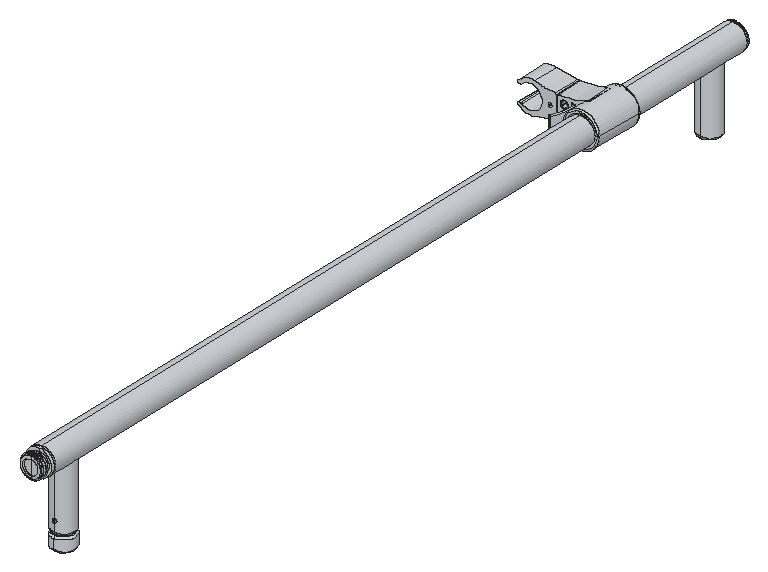
Revit family "Shower-Slidebar-KOHLER-WATER_SUPPLY-K-2738T-1", category Plumbing Fixtures, host Face, Revit 2021
Family settings
  Host = Face
  Round Connector Dimension = Use Diameter
  Part Type = Normal
  OmniClass Number = 23.31.25.00
  OmniClass Title = Toilet and Bath Specialties
  Cut with Voids When Loaded = No
  Shared = No
  Room Calculation Point = No
Parameters (values of type "CP-Polished Chrome")
  Width = 3.28256"  # constant formula
  WaterSense Certified = 1 = 0  # no
  Waste Water Outlet = "Waste Water Outlet"  # constant formula
  Waste Connection = 1 = 0  # no
  Vent Connection = 1 = 0  # no
  URL = "http://www.kohler.com.cn/"
  Type = 1
  Tempered Water Inlet = "Tempered Water Inlet"  # constant formula
  Product Page URL = "https://www.kohler.com.cn/product/K-2738T-CP/K-2738T-CP/"
  Product Name = "WATER SUPPLY"  # constant formula
  Product Documentation Link = "https://files.kohler.com.cn/pdfs/2738t.pdf"
  Pressure = 0.00 psi
  Model = if(Type = 1, "K-2738T-CP", if(Type = 2, "K-2738T-BRD", if(Type = 3, "K-2738T-BRT", if(Type = 4, "K-2738T-BGP", if(Type = 5, "K-2738T-PGP", "NA")))))  # "K-2738T-CP"
  Material = "Premium Metal Construction"  # constant formula
  Master Format 2014 Name = "Residential Showers"  # constant formula
  Master Format 2014 = "22 42 23"  # constant formula
  Manufacturer Address = "Kohler Beijing Office (100016) 36-2-03-B, No. 88, Liuxiang Road, Beijing"  # constant formula
  Manufacturer = "Kohler Co."  # constant formula
  Length = 3.13976"  # constant formula
  Hot Water Inlet = "Hot Water Inlet"  # constant formula
  Height = 30.53346"  # constant formula
  HW Connection = 1 = 1  # yes
  Flow Rate = 0 GPM
  Finish = Kohler-Metal-CP-Polished_Chrome
  Environmental Product Declaration = ""
  Drain Included = 1 = 0  # no
  Description = "Sliding shower bracket (water supply)"  # constant formula
  Default Elevation = 42"
  Declare Label = ""
  Date Modified = "05/18/2024"  # constant formula
  Date Created = "08/10/2020"  # constant formula
  Copyright = "Copyright Kohler Co."  # constant formula
  Contact Us = "http://www.kohler.com.cn/contact/contact-us/"
  Cold Water Inlet = "Cold Water Inlet"  # constant formula
  CW Connection = 1 = 0  # no
  Assembly Code = "D2010700"
  ADA Compliant = 1 = 0  # no
Types (6): name | Type | Product Page URL | Model | Finish
  (no name) | 1 | "https://www.kohler.com.cn/product/K-2738T-CP/K-2738T-CP/" | "K-2738T-CP" | Kohler-Metal-CP-Polished_Chrome
  CP-Polished Chrome | 1 | "https://www.kohler.com.cn/product/K-2738T-CP/K-2738T-CP/" | "K-2738T-CP" | Kohler-Metal-CP-Polished_Chrome
  BRD-Brushed Rose Gold | 2 | "" | "K-2738T-BRD" | KOHLER-Metal-BRD-Brushed_Rose_Gold
  BRT-Brushed Titanium | 3 | "" | "K-2738T-BRT" | KOHLER-Metal-BRT-Brushed_Titanium
  BGP | 4 | "" | "K-2738T-BGP" | Kohler-Metal-BGP
  PGP | 5 | "" | "K-2738T-PGP" | Kohler-Metal-PGP
Reference planes (in)
  plane 1 "Center (Front/Back)": y = 0
  plane 2: z = 0
  plane 3 "Center (Left/Right)": x = 0
  plane 4: y = 15.25782
  plane 5: x = -0.47244
  plane 6: x = 0.47244
  plane 7: x = -2.66262
  plane 8: y = -13.84252
  plane 9: y = -15.27565
  plane 10: y = 9.64567
  plane 11: y = 15.15748
  plane 12: y = 10.32567
  plane 13: y = 8.56567
  plane 14: x = -0.64284
  plane 15: x = 0.61994
  plane 16: x = -1.305
  plane 17: y = 10.12567
  plane 18: y = 9.16567
  plane 19: z = 2.51969
  plane 20: z = -0.55118
  plane 21: z = 3.08468
  plane 22: x = -2.24409
  plane 23: x = -0.41348
  plane 24: x = 0.41348
  plane 25: z = 3.13976
  plane 26: z = 1.89973
  plane 27: z = 1.95469
  plane 28: y = -14.92126
  plane 29: y = -13.44882
  plane 30: y = -14.23622
  plane 31: y = 14.54331
  plane 32: y = 13.75591
  plane 33: z = 2.99213
  plane 34: z = 2.04724
  plane 35: y = 14.14961
Forms (in)
  Extrusion 1, void
    sketch origin (0, 0, 0) x (1, 0, 0) y (0, 1, 0)
      loop
        circle (-0.00219, -13.83585) r 0.42126
    from -0.55118 to 0.16096
Dimensions and locks (in)
  nested 1 to level = 2.51969"
  "Length": plane 25 to level
  level to plane 20 = 0.55118"  (x2)
  "Height": plane 4 to plane 9
  "Width": plane 7 to plane 15
  plane 5 to plane 6 = 0.94488"
  plane 13 to plane 12 = 1.76"
  plane 7 to plane 15 = 3.28256"
  plane 25 to plane 20 = 3.69094"
  plane 33 to plane 34 = 0.94488"
  plane 4 to plane 9 = 30.53346"
  nested 1 to plane 8 = 27.99213"
  plane 11 to plane 28 = 30.07874"
  plane 11 to plane 35 = 1.00787"
  plane 34 to plane 33 = 0.94488"
  plane 7 to nested 1 = 2.66262"
  plane 22 to nested 1 = 2.24409"
  aligned and locked: plane 2 to host face
  aligned and locked: level to host face
Automatic sketch dimensions
  host sketch curve to host sketch curve = 96"  (x2)
  Extrusion 1 sketch curve to plane 3 "Center (Left/Right)" = 0.00219"
  Extrusion 1 sketch curve to plane 8 = 0.00667"
  radius of Extrusion 1 sketch curve = 0.42126"
Nested families (in)
  nested 1: "K-2738T" at (0, -15.27559, 2.51969) x (1, 0, 0) z (0, 1, 0), type "K-2738T"
Connectors (in)
  piping at (0, -13.84252, -0.55118), diameter 0.5, driven by "HW Connection", driven by "Tempered Water Inlet"
    settings: on nested 1, index 1, connector inside diameter 24", connector length 0", flow factor 0, pipe flow 0 GPM, pressure drop 0.00 psi, fitting loss kfactor 0, connector angle 0.00°, fixture units 0, engagement length 0", angle of deflection 0.00°, flow configuration 0, flow direction 1, fitting loss method 0, system type 19, joint type 0, gender type 0, connector reference index -1, connector utility 1, adjustable connector no, is connector primary yes, connector description "Tempered Water Inlet"
Definition of nested family "K-2738T"
  Parameters (values of type "K-2738T")
    Material = none
    Default Elevation = 48"
  Reference planes (in)
    plane 1 "Center (Front/Back)": y = 0
    plane 2: z = 0
    plane 3 "Center (Left/Right)": x = 0
    plane 4: x = 0.25
    plane 5: y = 2.51969
    plane 6: z = 1.82677
    plane 7: z = 1.03937
    plane 8: z = 29.8189
    plane 9: z = 29.0315
    plane 10: z = 1.43307
    plane 11: z = 29.4252
    plane 12: y = -0.25
    plane 13: y = 0.25
    plane 14: x = -0.25
    plane 15: x = -2.24409
    plane 16: z = 24.92126
    plane 17: z = 0.35433
    plane 18: x = 0.47244
    plane 19: z = 23.84126
    plane 20: z = 25.60126
    plane 21: z = 25.40126
    plane 22: z = 24.44126
    plane 23: x = -1.305
    plane 24: x = -1.265
    plane 25: x = -0.47244
    plane 26: y = 0.47244
    plane 27: y = -0.47244
    plane 28: x = 0.61995
    plane 29: x = -0.64284
    plane 30: y = 3.07087
    plane 31: y = 2.59843
    plane 32: x = 0.41348
    plane 33: x = -0.41348
    plane 34: z = 15.27559
    plane 35: z = 0
    plane 36: x = -2.66262
    plane 37: z = 30.53341
    plane 38: z = 0.21788
    plane 39: z = 0.1953
    plane 40: z = 0.11738
    plane 41: z = 0.0313
    plane 42: z = 0.16791
    plane 43: z = 0.13682
    plane 44: z = 0.06277
    plane 45: y = -0.61995
    plane 46: y = 0.61995
    plane 47: y = 0.565
    plane 48: y = -0.565
  Forms (in)
    Revolve 1, solid, material <- "Material", detail levels medium+fine
      sketch origin (0, 0, 0) x (0, 1, 0) y (0, 0, 1)
        loop
          line (0, 29.4252) -> (2.37035, 29.4252) -> (2.37035, 29.52453) -> (2.49307, 29.52453)
          arc (2.49307, 29.52453) -> (2.5124, 29.53254) -> (2.5204, 29.55186) r 0.02733
          line (2.5204, 29.55186) -> (2.5204, 29.77953)
          arc (2.5204, 29.77953) -> (2.50887, 29.80737) -> (2.48103, 29.8189) r 0.03937
          line (2.48103, 29.8189) -> (0, 29.8189) -> (0, 29.4252)
        axis (2.5204, 29.4252) -> (0, 29.4252)
      angle from 0 to 360
    Revolve 2, solid, material <- "Material", detail levels medium+fine
      sketch origin (0, 0, -27.99213) x (0, 1, 0) y (0, 0, 1)
        loop
          line (0, 29.4252) -> (2.51969, 29.4252) -> (2.51969, 29.77953)
          arc (2.51969, 29.77953) -> (2.50815, 29.80737) -> (2.48031, 29.8189) r 0.03937
          line (2.48031, 29.8189) -> (0, 29.8189) -> (0, 29.4252)
        axis (2.51969, 29.4252) -> (0, 29.4252)
      angle from 0 to 360
    Revolve 3, solid, material <- "Material", detail levels medium+fine
      sketch origin (0, 0, 0) x (0, 1, 0) y (0, 0, 1)
        loop
          line (0.26868, 0) -> (0.35162, 0) -> (0.37738, 0.02576) -> (0.37738, 0.06321) -> (0.41339, 0.07632) -> (0.41339, 0.12446) -> (0.37738, 0.14125) -> (0.37738, 0.17247) -> (0.41339, 0.18558) -> (0.41339, 0.21654) -> (0.35433, 0.21654) -> (0.35433, 0.35433) -> (0.4685, 0.35433) -> (0.4685, 0.43307)
          arc (0.4685, 0.43307) -> (0.47145, 0.45549) -> (0.47244, 0.47807) r 0.25915
          line (0.47244, 0.47807) -> (0.47244, 30.43307) -> (0.44088, 30.43307)
          arc (0.44088, 30.43307) -> (0.46076, 30.44131) -> (0.469, 30.46119) r 0.02812
          line (0.469, 30.46119) -> (0.469, 30.51139)
          arc (0.469, 30.51139) -> (0.46275, 30.52648) -> (0.44767, 30.53273) r 0.02133
          line (0.44767, 30.53273) -> (0, 30.53273) -> (0, 0.05636) -> (0.26868, 0.05636) -> (0.26868, 0)
        axis (0, 30.53273) -> (0, 0)
      angle from 0 to 360
    Revolve 4, solid, material <- "Material", detail levels medium+fine
      sketch origin (0, 0, 0) x (1, 0, 0) y (0, 0, 1)
        loop
          line (0.4922, 23.84126) -> (0.57756, 23.84126)
          arc (0.57756, 23.84126) -> (0.60239, 23.85142) -> (0.61298, 23.87607) r 0.03543
          line (0.61298, 23.87607) -> (0.64247, 25.56521)
          arc (0.64247, 25.56521) -> (0.63231, 25.59066) -> (0.60704, 25.60126) r 0.03543
          line (0.60704, 25.60126) -> (0.49174, 25.60126)
          arc (0.49174, 25.60126) -> (0.47778, 25.59548) -> (0.472, 25.58152) r 0.01974
          line (0.472, 25.58152) -> (0.472, 23.86146)
          arc (0.472, 23.86146) -> (0.47792, 23.84718) -> (0.4922, 23.84126) r 0.0202
        axis (0, 25.60126) -> (0, 23.84126)
      angle from 0 to 360
    Extrusion 5, solid, material <- "Material", detail levels medium+fine
      sketch origin (0, 0, 0) x (1, 0, 0) y (0, 1, 0)
        loop
          arc (-1.265, -0.39015) -> (-1.25462, -0.41472) -> (-1.22976, -0.42439) r 0.03425
          arc (-1.22976, -0.42439) -> (-0.68972, -0.45824) -> (-0.16483, -0.5897) r 2.96402
          line (-0.16483, -0.5897) -> (-0.16483, -0.48513)
          arc (-0.16483, -0.48513) -> (-0.51237, 0) -> (-0.16483, 0.48513) r 0.51237
          line (-0.16483, 0.48513) -> (-0.16483, 0.5897)
          arc (-0.16483, 0.5897) -> (-0.68972, 0.45824) -> (-1.22976, 0.42439) r 2.96402
          arc (-1.22976, 0.42439) -> (-1.25462, 0.41472) -> (-1.265, 0.39015) r 0.03425
          line (-1.265, 0.39015) -> (-1.265, 0.35739) -> (-1.265, -0.39015)
      from 24.44126 to 25.40126
    Extrusion 6, solid, material <- "Material", detail levels medium+fine
      sketch origin (0, 0, 0) x (0, 1, 0) y (0, 0, 1)
        loop
          line (0.34081, 25.36626) -> (-0.34031, 25.36626)
          arc (-0.34031, 25.36626) -> (-0.36838, 25.35463) -> (-0.38001, 25.32655) r 0.03971
          line (-0.38001, 25.32655) -> (-0.38001, 24.51142)
          arc (-0.38001, 24.51142) -> (-0.36825, 24.48302) -> (-0.33985, 24.47126) r 0.04016
          line (-0.33985, 24.47126) -> (0.34173, 24.47126)
          arc (0.34173, 24.47126) -> (0.36879, 24.48247) -> (0.38, 24.50952) r 0.03827
          line (0.38, 24.50952) -> (0.38, 25.32707)
          arc (0.38, 25.32707) -> (0.36852, 25.35478) -> (0.34081, 25.36626) r 0.03919
      from -1.285 to -0.1825
    Revolve 7, solid, material <- "Material", detail levels medium+fine
      sketch origin (0, 0, 0) x (1, 0, 0) y (0, 0, 1)
        loop
          line (-1.35608, 24.92126) -> (-1.24699, 24.92126) -> (-1.24699, 25.26729) -> (-1.35608, 25.26729) -> (-1.35608, 24.92126)
        axis (-1.35608, 24.92126) -> (-1.24699, 24.92126)
      angle from 0 to 360
    Extrusion 8, solid, material <- "Material", detail levels medium+fine
      sketch origin (0, 0, 0) x (1, 0, 0) y (0, 1, 0)
        loop
          arc (-2.52434, 0.31047) -> (-1.80184, 0.00438) -> (-2.51793, -0.31642) r 0.42796
          arc (-2.51793, -0.31642) -> (-2.53896, -0.30341) -> (-2.56328, -0.29887) r 0.06735
          line (-2.56328, -0.29887) -> (-2.61627, -0.29887)
          arc (-2.61627, -0.29887) -> (-2.65857, -0.32627) -> (-2.65085, -0.37607) r 0.04634
          arc (-2.65085, -0.37607) -> (-2.38395, -0.5431) -> (-2.0691, -0.54094) r 0.56372
          arc (-2.0691, -0.54094) -> (-1.70996, -0.45879) -> (-1.34319, -0.42389) r 2.83582
          arc (-1.34319, -0.42389) -> (-1.31612, -0.41196) -> (-1.305, -0.38454) r 0.03937
          line (-1.305, -0.38454) -> (-1.305, 0.38454)
          arc (-1.305, 0.38454) -> (-1.31612, 0.41196) -> (-1.34319, 0.42389) r 0.03937
          arc (-1.34319, 0.42389) -> (-1.70996, 0.45879) -> (-2.0691, 0.54094) r 2.83582
          arc (-2.0691, 0.54094) -> (-2.38395, 0.5431) -> (-2.65085, 0.37607) r 0.56372
          arc (-2.65085, 0.37607) -> (-2.65857, 0.32627) -> (-2.61627, 0.29887) r 0.04634
          line (-2.61627, 0.29887) -> (-2.55344, 0.29887)
          arc (-2.55344, 0.29887) -> (-2.53777, 0.30188) -> (-2.52434, 0.31047) r 0.04228
      from 24.44126 to 25.40126
    Revolve 9, void
      sketch origin (0, 0, 24.92126) x (1, 0, 0) y (0, 1, 0)
        loop
          line (-1.62, 0.07776) -> (-1.62, 0.17039) -> (-2.00341, 0.17039) -> (-2.00341, 0) -> (-1.22804, 0) -> (-1.22804, 0.07776) -> (-1.62, 0.07776)
        axis (-2.00341, 0) -> (-1.22804, 0)
      angle from 0 to 360
    Extrusion 10, solid, material <- "Material", detail levels medium+fine
      sketch origin (0, 0, 0) x (1, 0, 0) y (0, 0, 1)
        loop
          arc (-0.73309, 24.52317) -> (-0.77829, 24.06738) -> (-0.91633, 23.63065) r 2.21333
          arc (-0.91633, 23.63065) -> (-0.91668, 23.61243) -> (-0.9041, 23.59925) r 0.02393
          line (-0.9041, 23.59925) -> (-0.87382, 23.58578)
          arc (-0.87382, 23.58578) -> (-0.85621, 23.58535) -> (-0.84348, 23.59751) r 0.02296
          arc (-0.84348, 23.59751) -> (-0.69864, 24.05023) -> (-0.65116, 24.52317) r 2.27213
          line (-0.65116, 24.52317) -> (-0.73309, 24.52317)
      from -0.245 to 0.245
    Revolve 11, solid, material <- "Material", detail levels medium+fine
      sketch origin (0, 0, 0) x (0, 1, 0) y (0, 0, 1)
        loop
          line (3.07087, 1.7874) -> (3.01181, 1.84646) -> (2.65748, 1.84646) -> (2.59843, 1.7874) -> (2.59843, 1.6694) -> (2.43596, 1.6694) -> (2.43596, 1.43307) -> (2.90636, 1.43307) -> (2.90636, 1.5523) -> (3.01415, 1.5523)
          arc (3.01415, 1.5523) -> (3.05425, 1.56892) -> (3.07087, 1.60902) r 0.05672
          line (3.07087, 1.60902) -> (3.07087, 1.7874)
        axis (3.07087, 1.43307) -> (2.43596, 1.43307)
      angle from 0 to 360
    Extrusion 12, solid, material <- "Material", detail levels coarse
      sketch origin (0, 0, 0) x (1, 0, 0) y (0, 1, 0)
        loop
          arc (-2.67717, 0.22948) -> (-2.51216, 0.37111) -> (-2.30075, 0.42204) r 0.46418
          arc (-2.30075, 0.42204) -> (-1.87871, 0) -> (-2.30075, -0.42203) r 0.42204
          arc (-2.30075, -0.42203) -> (-2.51216, -0.3711) -> (-2.67717, -0.22947) r 0.46418
          line (-2.67717, -0.22947) -> (-2.67717, -0.37138)
          arc (-2.67717, -0.37138) -> (-2.51462, -0.51984) -> (-2.29823, -0.56034) r 0.40172
          arc (-2.29823, -0.56034) -> (-1.14794, -0.51766) -> (0, -0.60254) r 10.38545
          line (0, -0.60254) -> (0, 0.60254)
          arc (0, 0.60254) -> (-1.14794, 0.51767) -> (-2.29823, 0.56035) r 10.38545
          arc (-2.29823, 0.56035) -> (-2.51462, 0.51985) -> (-2.67717, 0.37139) r 0.40172
          line (-2.67717, 0.37139) -> (-2.67717, 0.22948)
      from 24.44126 to 25.40126
    Extrusion 13, solid, material <- "Material", detail levels coarse
      sketch origin (0, 0, 0) x (1, 0, 0) y (0, 1, 0)
        loop
          circle (0, 0) r 0.64284
        loop
          circle (0, 0) r 0.472
      from 23.84126 to 25.60126
    Extrusion 14, solid, material <- "Material", detail levels coarse
      sketch origin (0, 0, 0) x (1, 0, 0) y (0, 0, 1)
        loop
          arc (-0.73322, 24.48674) -> (-0.78412, 24.03984) -> (-0.92433, 23.61246) r 2.21333
          arc (-0.92433, 23.61246) -> (-0.90414, 23.55972) -> (-0.85136, 23.5798) r 0.03997
          arc (-0.85136, 23.5798) -> (-0.70449, 24.02294) -> (-0.65128, 24.48674) r 2.27213
          line (-0.65128, 24.48674) -> (-0.73322, 24.48674)
      from -0.245 to 0.245
    Extrusion 15, solid, material <- "Material", detail levels coarse
      sketch origin (0, 0, 0) x (1, 0, 0) y (0, 1, 0)
        loop
          circle (0, 0) r 0.472
      from 0 to 30.53341
    Revolve 16, solid, material <- "Material", detail levels coarse
      sketch origin (0, 0, 0) x (0, 1, 0) y (0, 0, 1)
        loop
          line (3.07087, 1.43307) -> (3.07087, 1.82677) -> (0, 1.82677) -> (0, 1.43307) -> (3.07087, 1.43307)
        axis (0, 1.43307) -> (3.07087, 1.43307)
      angle from 0 to 360
    Revolve 17, solid, material <- "Material", detail levels coarse
      sketch origin (0, 0, 0) x (0, 1, 0) y (0, 0, 1)
        loop
          line (2.51975, 29.4252) -> (2.51975, 29.8189) -> (0, 29.8189) -> (0, 29.4252) -> (2.51975, 29.4252)
        axis (2.51975, 29.4252) -> (0, 29.4252)
      angle from 0 to 360
    Revolve 18, solid, material <- "Material", detail levels medium+fine
      sketch origin (0, 0, 0) x (1, 0, 0) y (0, 0, 1)
        loop
          line (-1.62, 24.92126) -> (-1.62, 25.08577) -> (-1.78018, 25.08577)
          arc (-1.78018, 25.08577) -> (-1.8205, 25.06907) -> (-1.8372, 25.02876) r 0.05702
          line (-1.8372, 25.02876) -> (-1.8372, 24.92126) -> (-1.62, 24.92126)
        axis (-1.62, 24.92126) -> (-1.8372, 24.92126)
      angle from 0 to 360
    Extrusion 19, void
      sketch origin (0, 0, 0) x (0, 1, 0) y (0, 0, 1)
        loop
          line (0, 24.94106) -> (-0.03911, 24.98016)
          arc (-0.03911, 24.98016) -> (-0.0589, 24.98016) -> (-0.0589, 24.96037) r 0.014
          line (-0.0589, 24.96037) -> (-0.0198, 24.92126) -> (-0.05874, 24.88232)
          arc (-0.05874, 24.88232) -> (-0.05874, 24.86252) -> (-0.03894, 24.86252) r 0.014
          line (-0.03894, 24.86252) -> (0, 24.90146) -> (0.03995, 24.86151)
          arc (0.03995, 24.86151) -> (0.05975, 24.86151) -> (0.05975, 24.88131) r 0.014
          line (0.05975, 24.88131) -> (0.0198, 24.92126) -> (0.06019, 24.96165)
          arc (0.06019, 24.96165) -> (0.06019, 24.98145) -> (0.04039, 24.98145) r 0.014
          line (0.04039, 24.98145) -> (0, 24.94106)
      from -1.96888 to -1.75914
    Extrusion 20, void
      sketch origin (0, 0, 0) x (1, 0, 0) y (0, 1, 0)
        loop
          circle (0, 2.1063) r 0.06496
      from 0.96065 to 1.19628
    Extrusion 21, solid, material <- "Material", detail levels medium+fine
      sketch origin (0, 0, 0) x (1, 0, 0) y (0, 1, 0)
        loop
          circle (0, 2.1063) r 0.06496
        loop
          line (-0.02273, 2.14567) -> (-0.04546, 2.1063) -> (-0.02273, 2.06693) -> (0.02273, 2.06693) -> (0.04546, 2.1063) -> (0.02273, 2.14567) -> (-0.02273, 2.14567)
      from 1.04379 to 1.19628
    Extrusion 22, void
      sketch origin (0, 0, 0) x (1, 0, 0) y (0, 1, 0)
        loop
          circle (-1.055, 0.17) r 0.125
      from 24.28982 to 24.56408
    Extrusion 23, void
      sketch origin (0, 0, 0) x (1, 0, 0) y (0, 1, 0)
        loop
          circle (-1.055, -0.17) r 0.125
      from 24.35964 to 24.56408
    Extrusion 24, solid, material <- "Material", detail levels medium+fine
      sketch origin (0, 0, 0) x (1, 0, 0) y (0, 1, 0)
        loop
          circle (-1.055, 0.17) r 0.125
        loop
          circle (-1.055, -0.17) r 0.125
        loop
          line (-1.07551, 0.17) -> (-1.11975, 0.12576)
          arc (-1.11975, 0.12576) -> (-1.11975, 0.10525) -> (-1.09924, 0.10525) r 0.0145
          line (-1.09924, 0.10525) -> (-1.055, 0.14949) -> (-1.01069, 0.10518)
          arc (-1.01069, 0.10518) -> (-0.99018, 0.10518) -> (-0.99018, 0.12569) r 0.0145
          line (-0.99018, 0.12569) -> (-1.03449, 0.17) -> (-0.9884, 0.2161)
          arc (-0.9884, 0.2161) -> (-0.9884, 0.2366) -> (-1.0089, 0.2366) r 0.0145
          line (-1.0089, 0.2366) -> (-1.055, 0.19051) -> (-1.101, 0.2365)
          arc (-1.101, 0.2365) -> (-1.1215, 0.2365) -> (-1.1215, 0.216) r 0.0145
          line (-1.1215, 0.216) -> (-1.07551, 0.17)
        loop
          line (-1.055, -0.14949) -> (-1.10058, -0.10392)
          arc (-1.10058, -0.10392) -> (-1.12108, -0.10392) -> (-1.12108, -0.12442) r 0.0145
          line (-1.12108, -0.12442) -> (-1.07551, -0.17) -> (-1.11897, -0.21347)
          arc (-1.11897, -0.21347) -> (-1.11897, -0.23397) -> (-1.09847, -0.23397) r 0.0145
          line (-1.09847, -0.23397) -> (-1.055, -0.19051) -> (-1.0131, -0.23241)
          arc (-1.0131, -0.23241) -> (-0.99259, -0.23241) -> (-0.99259, -0.2119) r 0.0145
          line (-0.99259, -0.2119) -> (-1.03449, -0.17) -> (-0.98727, -0.12278)
          arc (-0.98727, -0.12278) -> (-0.98727, -0.10227) -> (-1.00778, -0.10227) r 0.0145
          line (-1.00778, -0.10227) -> (-1.055, -0.14949)
      from 24.44126 to 24.47126
    Extrusion 25, void
      sketch origin (0, 0, 0) x (1, 0, 0) y (0, 1, 0)
        loop
          arc (-0.65028, 0.28284) -> (-0.65822, 0.30201) -> (-0.6774, 0.30996) r 0.02712
          line (-0.6774, 0.30996) -> (-0.76137, 0.30996)
          arc (-0.76137, 0.30996) -> (-0.78086, 0.30189) -> (-0.78893, 0.2824) r 0.02756
          line (-0.78893, 0.2824) -> (-0.78893, 0.16849)
          arc (-0.78893, 0.16849) -> (-0.79663, 0.15103) -> (-0.81472, 0.14493) r 0.02365
          arc (-0.81472, 0.14493) -> (-0.83997, 0.13644) -> (-0.85072, 0.11207) r 0.033
          line (-0.85072, 0.11207) -> (-0.85072, -0.11873)
          arc (-0.85072, -0.11873) -> (-0.8396, -0.14195) -> (-0.81455, -0.14785) r 0.02981
          arc (-0.81455, -0.14785) -> (-0.7968, -0.15204) -> (-0.78893, -0.16849) r 0.02112
          line (-0.78893, -0.16849) -> (-0.78893, -0.29163)
          arc (-0.78893, -0.29163) -> (-0.78086, -0.31111) -> (-0.76137, -0.31919) r 0.02756
          line (-0.76137, -0.31919) -> (-0.67784, -0.31919)
          arc (-0.67784, -0.31919) -> (-0.65835, -0.31111) -> (-0.65028, -0.29163) r 0.02756
          line (-0.65028, -0.29163) -> (-0.65028, 0.28284)
      from 24.19933 to 24.56408
    Revolve 26, void
      sketch origin (0, 0, 0) x (1, 0, 0) y (0, 0, 1)
        loop
          line (-1.52505, 24.48067) -> (-1.52505, 24.40228) -> (-1.45396, 24.40228)
          arc (-1.45396, 24.40228) -> (-1.47214, 24.45722) -> (-1.52505, 24.48067) r 0.07144
        axis (-1.52505, 24.48067) -> (-1.52505, 24.40228)
      angle from 0 to 360
  Cuts and joins
    Extrusion 20 cuts Revolve 2
    joined: Revolve 1, Revolve 2, Revolve 3, Revolve 11
    Revolve 9 cuts Revolve 4
    Revolve 9 cuts Extrusion 6
    Revolve 9, Revolve 26 cuts Extrusion 8
    joined: Revolve 4, Extrusion 6, Revolve 7, Extrusion 8
    joined: Extrusion 12, Extrusion 13
    joined: Extrusion 15, Revolve 16, Revolve 17
    Revolve 9, Extrusion 22, Extrusion 23, Extrusion 25 cuts Extrusion 5
    Extrusion 19 cuts Revolve 18
  Lines and regions (in)
    Masking region 1
      outline origin (0, 0, 0) x (1, 0, 0) y (0, 1, 0)
        loop
          arc (-2.52434, -0.31047) -> (-2.53777, -0.30188) -> (-2.55344, -0.29887) r 0.04228
          line (-2.55344, -0.29887) -> (-2.61627, -0.29887)
          arc (-2.61627, -0.29887) -> (-2.65857, -0.32627) -> (-2.65085, -0.37607) r 0.04634
          arc (-2.65085, -0.37607) -> (-2.46621, -0.5127) -> (-2.24239, -0.56433) r 0.56372
          arc (-2.24239, -0.56433) -> (-2.15483, -0.5594) -> (-2.0691, -0.54094) r 0.56372
          arc (-2.0691, -0.54094) -> (-1.74283, -0.46429) -> (-1.40979, -0.42666) r 2.83582
          line (-1.40979, -0.42666) -> (-1.34452, -0.42666)
          arc (-1.34452, -0.42666) -> (-1.31663, -0.41514) -> (-1.305, -0.38729) r 0.03952
          line (-1.305, -0.38729) -> (-1.285, -0.36159) -> (-1.265, -0.39015)
          arc (-1.265, -0.39015) -> (-1.25462, -0.41472) -> (-1.22976, -0.42439) r 0.03425
          arc (-1.22976, -0.42439) -> (-0.93527, -0.43055) -> (-0.64284, -0.4659) r 2.96402
          arc (-0.64284, -0.4659) -> (-0.42074, -0.51509) -> (-0.20437, -0.5853) r 2.37493
          arc (-0.20437, -0.5853) -> (0.35879, -0.50557) -> (0.61995, -0.0003) r 0.61995
          arc (0.61995, -0.0003) -> (0.56232, 0.26102) -> (0.39992, 0.47371) r 0.61995
          line (0.39992, 0.47371) -> (0.39992, 2.47991)
          arc (0.39992, 2.47991) -> (0.38827, 2.50803) -> (0.36014, 2.51969) r 0.03978
          line (0.36014, 2.51969) -> (0.23632, 2.51969) -> (0.23632, 2.59843) -> (0.35433, 2.59843) -> (0.41348, 2.65758) -> (0.41348, 3.01172) -> (0.35433, 3.07087) -> (-0.35433, 3.07087) -> (-0.41348, 3.01172) -> (-0.41348, 2.65758) -> (-0.35433, 2.59843) -> (-0.23634, 2.59843) -> (-0.23634, 2.51969) -> (-0.36007, 2.51969)
          arc (-0.36007, 2.51969) -> (-0.3882, 2.50803) -> (-0.39985, 2.47991) r 0.03978
          line (-0.39985, 2.47991) -> (-0.39985, 0.51819)
          arc (-0.39985, 0.51819) -> (-0.81149, 0.44191) -> (-1.22976, 0.42439) r 2.96402
          arc (-1.22976, 0.42439) -> (-1.25462, 0.41472) -> (-1.265, 0.39015) r 0.03425
          line (-1.265, 0.39015) -> (-1.285, 0.36159) -> (-1.305, 0.38729)
          arc (-1.305, 0.38729) -> (-1.31653, 0.41513) -> (-1.34438, 0.42666) r 0.03938
          line (-1.34438, 0.42666) -> (-1.40979, 0.42666)
          arc (-1.40979, 0.42666) -> (-1.74283, 0.46429) -> (-2.0691, 0.54094) r 2.83582
          arc (-2.0691, 0.54094) -> (-2.1462, 0.55817) -> (-2.22495, 0.56444) r 0.56372
          arc (-2.22495, 0.56444) -> (-2.45826, 0.51629) -> (-2.65085, 0.37607) r 0.56372
          arc (-2.65085, 0.37607) -> (-2.65988, 0.36089) -> (-2.66258, 0.34344) r 0.04634
          arc (-2.66258, 0.34344) -> (-2.64841, 0.31182) -> (-2.61627, 0.29887) r 0.04634
          line (-2.61627, 0.29887) -> (-2.55344, 0.29887)
          arc (-2.55344, 0.29887) -> (-2.53777, 0.30188) -> (-2.52434, 0.31047) r 0.04228
          arc (-2.52434, 0.31047) -> (-1.80182, -0.0013) -> (-2.52623, -0.30866) r 0.42796
    Masking region 2
      outline origin (0, 0, 0) x (1, 0, 0) y (0, 0, 1)
        loop
          line (-0.47244, 30.43307) -> (-0.47244, 25.60126) -> (-0.6069, 25.60126)
          arc (-0.6069, 25.60126) -> (-0.63227, 25.59062) -> (-0.64247, 25.56506) r 0.03558
          line (-0.64247, 25.56506) -> (-0.63961, 25.40126) -> (-1.2335, 25.40126)
          arc (-1.2335, 25.40126) -> (-1.25578, 25.39203) -> (-1.265, 25.36976) r 0.0315
          line (-1.265, 25.36976) -> (-1.265, 25.26661) -> (-1.305, 25.26661) -> (-1.305, 25.37109)
          arc (-1.305, 25.37109) -> (-1.31384, 25.39242) -> (-1.33517, 25.40126) r 0.03017
          line (-1.33517, 25.40126) -> (-2.63112, 25.40126)
          arc (-2.63112, 25.40126) -> (-2.65339, 25.39203) -> (-2.66262, 25.36976) r 0.0315
          line (-2.66262, 25.36976) -> (-2.66262, 24.47276)
          arc (-2.66262, 24.47276) -> (-2.65339, 24.45048) -> (-2.63112, 24.44126) r 0.0315
          line (-2.63112, 24.44126) -> (-1.33649, 24.44126)
          arc (-1.33649, 24.44126) -> (-1.31422, 24.45048) -> (-1.305, 24.47275) r 0.03149
          line (-1.305, 24.47275) -> (-1.305, 24.57591) -> (-1.265, 24.57591) -> (-1.265, 24.47461)
          arc (-1.265, 24.47461) -> (-1.25518, 24.45102) -> (-1.23156, 24.44126) r 0.03344
          line (-1.23156, 24.44126) -> (-0.73421, 24.44126)
          arc (-0.73421, 24.44126) -> (-0.78689, 24.02733) -> (-0.91633, 23.63065) r 2.21333
          arc (-0.91633, 23.63065) -> (-0.91668, 23.61243) -> (-0.9041, 23.59925) r 0.02393
          line (-0.9041, 23.59925) -> (-0.87382, 23.58578)
          arc (-0.87382, 23.58578) -> (-0.85621, 23.58535) -> (-0.84348, 23.59751) r 0.02296
          arc (-0.84348, 23.59751) -> (-0.70733, 24.0102) -> (-0.65225, 24.44126) r 2.27213
          arc (-0.65225, 24.44126) -> (-0.63703, 24.43939) -> (-0.62273, 24.43389) r 0.06278
          line (-0.62273, 24.43389) -> (-0.61297, 23.87472)
          arc (-0.61297, 23.87472) -> (-0.60279, 23.85103) -> (-0.57892, 23.84126) r 0.03406
          line (-0.57892, 23.84126) -> (-0.47244, 23.84126) -> (-0.47244, 0.47807) -> (-0.4685, 0.35433) -> (-0.41348, 0.35433) -> (-0.41348, 0.21788) -> (-0.37437, 0.1953) -> (-0.41348, 0.16791) -> (-0.41348, 0.13682) -> (-0.3798, 0.11738) -> (-0.3798, 0.08636) -> (-0.41348, 0.06277) -> (-0.41348, 0.0313) -> (-0.35927, 0) -> (0.35927, 0) -> (0.41348, 0.0313) -> (0.41348, 0.06277) -> (0.3798, 0.08636) -> (0.3798, 0.11738) -> (0.41348, 0.13682) -> (0.41348, 0.16791) -> (0.37437, 0.1953) -> (0.41348, 0.21788) -> (0.41348, 0.35433) -> (0.4685, 0.35433) -> (0.47244, 0.47807) -> (0.47244, 23.84126) -> (0.55367, 23.84126)
          arc (0.55367, 23.84126) -> (0.57949, 23.85182) -> (0.5905, 23.87744) r 0.03684
          line (0.5905, 23.87744) -> (0.61995, 25.52413) -> (0.61995, 25.56445)
          arc (0.61995, 25.56445) -> (0.60958, 25.59044) -> (0.58378, 25.60126) r 0.03618
          line (0.58378, 25.60126) -> (0.47244, 25.60126) -> (0.47244, 30.43307) -> (0.43772, 30.43307)
          arc (0.43772, 30.43307) -> (0.45987, 30.44225) -> (0.46904, 30.4644) r 0.03133
          line (0.46904, 30.4644) -> (0.46904, 30.51045)
          arc (0.46904, 30.51045) -> (0.46232, 30.52668) -> (0.44608, 30.53341) r 0.02296
          line (0.44608, 30.53341) -> (-0.44542, 30.53341)
          arc (-0.44542, 30.53341) -> (-0.46213, 30.52649) -> (-0.46904, 30.50978) r 0.02362
          line (-0.46904, 30.50978) -> (-0.46904, 30.4644)
          arc (-0.46904, 30.4644) -> (-0.45987, 30.44225) -> (-0.43772, 30.43307) r 0.03133
          line (-0.43772, 30.43307) -> (-0.47244, 30.43307)
    Masking region 3
      outline origin (0, 0, 0) x (0, 1, 0) y (0, 0, 1)
        loop
          line (2.47955, 1.82677) -> (0.47244, 1.82677) -> (0.47244, 23.84126) -> (0.552, 23.84126)
          arc (0.552, 23.84126) -> (0.57754, 23.8517) -> (0.58846, 23.87704) r 0.03646
          line (0.58846, 23.87704) -> (0.61994, 25.56595)
          arc (0.61994, 25.56595) -> (0.61002, 25.59088) -> (0.58528, 25.60126) r 0.03467
          line (0.58528, 25.60126) -> (0.47244, 25.60126) -> (0.47244, 29.0315) -> (2.4807, 29.0315)
          arc (2.4807, 29.0315) -> (2.50827, 29.04291) -> (2.51969, 29.07048) r 0.03898
          line (2.51969, 29.07048) -> (2.51969, 29.78059)
          arc (2.51969, 29.78059) -> (2.50847, 29.80768) -> (2.48138, 29.8189) r 0.0383
          line (2.48138, 29.8189) -> (0.47244, 29.8189) -> (0.47244, 30.43307) -> (0.44019, 30.43307)
          arc (0.44019, 30.43307) -> (0.46056, 30.44151) -> (0.469, 30.46189) r 0.02881
          line (0.469, 30.46189) -> (0.469, 30.51096)
          arc (0.469, 30.51096) -> (0.46243, 30.52683) -> (0.44655, 30.53341) r 0.02245
          line (0.44655, 30.53341) -> (-0.44538, 30.53341)
          arc (-0.44538, 30.53341) -> (-0.46208, 30.52649) -> (-0.469, 30.50978) r 0.02362
          line (-0.469, 30.50978) -> (-0.469, 30.46189)
          arc (-0.469, 30.46189) -> (-0.46056, 30.44151) -> (-0.44019, 30.43307) r 0.02881
          line (-0.44019, 30.43307) -> (-0.47244, 30.43307) -> (-0.47244, 25.60126) -> (-0.59026, 25.60126)
          arc (-0.59026, 25.60126) -> (-0.61143, 25.5924) -> (-0.61998, 25.57109) r 0.02973
          line (-0.61998, 25.57109) -> (-0.59461, 23.87708)
          arc (-0.59461, 23.87708) -> (-0.58371, 23.85171) -> (-0.55816, 23.84126) r 0.03646
          line (-0.55816, 23.84126) -> (-0.47244, 23.84126) -> (-0.47244, 0.47807) -> (-0.4685, 0.43307) -> (-0.4685, 0.35433) -> (-0.35433, 0.35433) -> (-0.35433, 0.21654) -> (-0.41339, 0.1953) -> (-0.41339, 0.15832) -> (-0.35433, 0.13682) -> (-0.35433, 0.10437) -> (-0.41339, 0.08313) -> (-0.41339, 0.0446) -> (-0.35433, 0.0313) -> (-0.32303, 0) -> (0.32303, 0) -> (0.35433, 0.0313) -> (0.41339, 0.0446) -> (0.41339, 0.08313) -> (0.35433, 0.10437) -> (0.35433, 0.13682) -> (0.41339, 0.15832) -> (0.41339, 0.1953) -> (0.35433, 0.21654) -> (0.35433, 0.35433) -> (0.4685, 0.35433) -> (0.4685, 0.43307) -> (0.47244, 0.47807) -> (0.47244, 1.03937) -> (2.48031, 1.03937)
          arc (2.48031, 1.03937) -> (2.50815, 1.0509) -> (2.51969, 1.07874) r 0.03937
          line (2.51969, 1.07874) -> (2.51969, 1.19685) -> (2.59843, 1.19685) -> (2.59843, 1.07874) -> (2.65748, 1.01968) -> (3.01181, 1.01968) -> (3.07087, 1.07874) -> (3.07087, 1.7874) -> (3.01181, 1.84646) -> (2.65748, 1.84646) -> (2.59843, 1.7874) -> (2.59843, 1.66929) -> (2.51969, 1.66929) -> (2.51969, 1.78664)
          arc (2.51969, 1.78664) -> (2.50793, 1.81502) -> (2.47955, 1.82677) r 0.04013
    symbolic lines, detail levels medium+fine
      curve 1: line (0.46904, 0, 30.4644) -> (-0.46904, 0, 30.4644)
      curve 2: line (-0.43772, 0, 30.43307) -> (0.43772, 0, 30.43307)
      curve 3: line (-0.47244, 0, 25.60126) -> (0.47244, 0, 25.60126)
      curve 4: line (-0.47244, 0, 23.84126) -> (0.47244, 0, 23.84126)
      curve 5: line (-0.73421, 0, 24.44126) -> (-0.65225, 0, 24.44126)
      curve 6: line (-1.305, 0, 25.23885) -> (-1.305, 0, 24.60367)
      curve 7: line (-1.285, 0, 25.26741) -> (-1.285, 0, 24.57511)
      curve 8: line (-1.265, 0, 24.47461) -> (-1.265, 0, 25.36976)
      curve 9: line (-0.41348, 0, 0.35433) -> (0.41348, 0, 0.35433)
      curve 10: line (-0.47244, 0, 0.47807) -> (0.47244, 0, 0.47807)
      curve 11: line (-0.63961, 0, 25.40126) -> (-0.41348, 0, 25.40126)
      curve 12: line (-0.47585, 0, 24.44126) -> (-0.65225, 0, 24.44126)
      curve 13: line (-0.61297, 0, 23.87472) -> (0.59035, 0, 23.87472)
      curve 14: arc (-2.62837, 0.35005, 0) -> (-2.4548, 0.4795, 0) -> (-2.24409, 0.52935, 0) r 0.53371
      curve 15: arc (-2.24409, 0.52935, 0) -> (-2.17315, 0.52662, 0) -> (-2.10321, 0.51449, 0) r 0.53371
      curve 16: arc (-2.10321, 0.51449, 0) -> (-2.01472, 0.49106, 0) -> (-1.92729, 0.46399, 0) r 2.21257
      curve 17: arc (-1.92729, 0.46399, 0) -> (-1.84283, 0.4408, 0) -> (-1.75639, 0.42666, 0) r 0.82737
      curve 18: line (-1.34438, 0.42666, 0) -> (-1.34452, -0.42666, 0)
      curve 19: line (-1.305, -0.38729, 0) -> (-1.305, 0.38729, 0)
      curve 20: line (-1.22976, -0.42439, 0) -> (-1.22976, 0.42439, 0)
      curve 21: line (-1.265, 0.39015, 0) -> (-1.265, -0.39015, 0)
      curve 22: line (-1.285, 0.36159, 0) -> (-1.285, -0.36159, 0)
      curve 23: line (-0.39985, 0.51819, 0) -> (-0.39985, 0.47377, 0)
      curve 24: line (0.39992, 0.5033, 0) -> (0.39992, 0.41564, 0)
      curve 25: arc (-0.39985, 0.31016, 0) -> (0.00004, 0.49218, 0) -> (0.39992, 0.31016, 0) r 0.53029
      curve 26: arc (-0.37046, 0.29319, 0) -> (-0.44602, 0.15578, 0) -> (-0.47244, 0.0012, 0) r 0.47244
      curve 27: arc (-0.39985, 0.33403, 0) -> (-0.00006, -0.52102, 0) -> (0.39992, 0.33395, 0) r 0.52102
      curve 28: arc (-0.398, 0.30099, 0) -> (-0.00053, -0.499, 0) -> (0.39863, 0.30015, 0) r 0.499
      curve 29: arc (0.39985, 0.31016, 0) -> (0.39996, 0.30512, 0) -> (0.39867, 0.30024, 0) r 0.01816
      curve 30: arc (-0.39985, 0.31016, 0) -> (-0.39944, 0.30519, 0) -> (-0.39775, 0.30049, 0) r 0.01908
      curve 31: arc (-0.37046, 0.29319, 0) -> (-0.20596, 0.42518, 0) -> (-0.00042, 0.47244, 0) r 0.47244
      curve 32: arc (-0.39985, 0.47377, 0) -> (-0.60965, -0.11253, 0) -> (-0.20437, -0.5853, 0) r 0.61995
      curve 33: arc (-0.39985, 0.4157, 0) -> (-0.00005, -0.57679, 0) -> (0.39992, 0.41564, 0) r 0.57679
      curve 34: arc (-0.64284, 0.43983, 0) -> (-0.54238, 0.46184, 0) -> (-0.44282, 0.48765, 0) r 2.69975
      curve 35: arc (-2.23179, 0.49572, 0) -> (-1.73967, 0.00359, 0) -> (-2.23179, -0.48853, 0) r 0.49213
      curve 36: arc (-2.5813, 0.35005, 0) -> (-2.42111, 0.45784, 0) -> (-2.23179, 0.49572, 0) r 0.49213
      curve 37: arc (-2.23179, -0.48853, 0) -> (-2.41421, -0.45348, 0) -> (-2.57064, -0.35329, 0) r 0.49213
      curve 38: line (-2.5813, 0.35005, 0) -> (-2.62837, 0.35005, 0)
      curve 39: arc (-2.62547, -0.35329, 0) -> (-2.45283, -0.48042, 0) -> (-2.24409, -0.52935, 0) r 0.53371
      curve 40: arc (-2.24409, -0.52935, 0) -> (-2.17315, -0.52662, 0) -> (-2.10321, -0.51449, 0) r 0.53371
      curve 41: arc (-2.10321, -0.51449, 0) -> (-2.01472, -0.49106, 0) -> (-1.92729, -0.46399, 0) r 2.21257
      curve 42: arc (-1.92729, -0.46399, 0) -> (-1.84283, -0.4408, 0) -> (-1.75639, -0.42666, 0) r 0.82737
      curve 43: line (-2.57064, -0.35329, 0) -> (-2.62547, -0.35329, 0)
      curve 44: arc (-1.75639, 0.42666, 0) -> (-1.53091, 0.40448, 0) -> (-1.305, 0.38729, 0) r 10.25391
      curve 45: arc (-1.75639, -0.42666, 0) -> (-1.53091, -0.40448, 0) -> (-1.305, -0.38729, 0) r 10.25359
      curve 46: line (-0.41348, 3.01172, 0) -> (0.41348, 3.01172, 0)
      curve 47: line (-0.23634, 2.59843, 0) -> (0.23632, 2.59843, 0)
      curve 48: line (-0.41348, 2.65758, 0) -> (0.41348, 2.65758, 0)
      curve 49: line (-0.39985, 2.45847, 0) -> (0.39992, 2.45847, 0)
      curve 50: line (-0.23634, 2.51969, 0) -> (0.23632, 2.51969, 0)
      curve 51: arc (-0.64284, -0.43983, 0) -> (-0.54238, -0.46184, 0) -> (-0.44282, -0.48765, 0) r 2.69975
      curve 52: arc (-0.44282, 0.48765, 0) -> (-0.65451, 0, 0) -> (-0.44282, -0.48765, 0) r 0.66753
      curve 53: arc (-0.39985, 0.51819, 0) -> (-0.42236, 0.50436, 0) -> (-0.44282, 0.48765, 0) r 0.19758
      curve 54: arc (-2.23179, 0.46079, 0) -> (-1.90635, 0.32576, 0) -> (-1.77211, 0, 0) r 0.45969
      curve 55: arc (-2.54951, 0.33332, 0) -> (-2.40296, 0.42773, 0) -> (-2.23179, 0.46079, 0) r 0.45969
      curve 56: arc (-2.55382, -0.32914, 0) -> (-2.05341, -0.42477, 0) -> (-1.77211, 0, 0) r 0.45969
      curve 57: line (-2.5876, -0.31533, 0) -> (-2.63093, -0.31533, 0)
      curve 58: arc (-2.55382, -0.32914, 0) -> (-2.56935, -0.31892, 0) -> (-2.5876, -0.31533, 0) r 0.04822
      curve 59: arc (-2.63093, -0.31533, 0) -> (-2.64972, -0.32134, 0) -> (-2.66153, -0.33712, 0) r 0.03238
      curve 60: line (-2.59433, 0.31533, 0) -> (-2.63093, 0.31533, 0)
      curve 61: arc (-2.63093, 0.31533, 0) -> (-2.65229, 0.32359, 0) -> (-2.66253, 0.34407, 0) r 0.03174
      curve 62: arc (-2.54951, 0.33332, 0) -> (-2.57019, 0.32, 0) -> (-2.59433, 0.31533, 0) r 0.06484
      curve 63: line (0.3798, 0, 0.08636) -> (-0.3798, 0, 0.08636)
      curve 64: line (0.3798, 0, 0.11738) -> (-0.3798, 0, 0.11738)
      curve 65: line (0.37437, 0, 0.1953) -> (-0.37437, 0, 0.1953)
      curve 66: line (0.41348, 0, 0.21788) -> (-0.41348, 0, 0.21788)
      curve 67: line (-1.33517, 0, 25.40126) -> (-2.63112, 0, 25.40126)
      curve 68: line (-1.305, 0, 24.60367) -> (-1.305, 0, 24.47275)
      curve 69: line (-1.305, 0, 25.23885) -> (-1.305, 0, 25.37109)
      curve 70: arc (-0.65225, 0, 24.44126) -> (-0.63703, 0, 24.43939) -> (-0.62273, 0, 24.43389) r 0.06278
      curve 71: line (0.47244, 0, 25.60126) -> (-0.47244, 0, 25.60126)
      curve 72: line (-0.1991, 0, 25.43593) -> (-0.64022, 0, 25.43593)
      curve 73: line (-0.63961, 0, 25.40126) -> (-0.41348, 0, 25.40126)
      curve 74: line (-0.64284, 0, 24.47461) -> (-0.44599, 0, 24.47461)
      curve 75: line (-0.20118, 0, 24.40783) -> (-0.62227, 0, 24.40783)
      curve 76: arc (-0.44599, 0, 24.47461) -> (-0.31911, 0, 24.45762) -> (-0.20118, 0, 24.40783) r 0.48212
      curve 77: line (-0.65225, 0, 24.44126) -> (-0.47585, 0, 24.44126)
      curve 78: arc (-0.47585, 0, 24.44126) -> (-0.3375, 0, 24.43287) -> (-0.20118, 0, 24.40783) r 1.14505
      curve 79: line (0.61995, 0, 25.56445) -> (-0.64246, 0, 25.56445)
      curve 80: line (-0.64284, 0, 24.47461) -> (-1.265, 0, 24.47461)
      curve 81: line (-2.63112, 0, 25.40126) -> (-2.63112, 0, 24.44126)
      curve 82: line (-1.305, 0, 25.37109) -> (-2.66259, 0, 25.37109)
      curve 83: line (-2.66262, 0, 24.47276) -> (-1.30484, 0, 24.47276)
      curve 84: line (-0.44599, 0, 25.36791) -> (-1.265, 0, 25.36791)
      curve 85: arc (-0.44599, 0, 25.36791) -> (-0.31795, 0, 25.38522) -> (-0.1991, 0, 25.43593) r 0.48212
      curve 86: arc (-0.41348, 0, 25.40126) -> (-0.3049, 0, 25.40998) -> (-0.1991, 0, 25.43593) r 0.68024
      curve 87: line (0.46904, 0, 30.51045) -> (-0.46904, 0, 30.51045)
      curve 88: line (-0.41348, 0, 0.0313) -> (0.41348, 0, 0.0313)
      curve 89: line (0, 0.552, 23.84126) -> (0, 0.47244, 23.84126)
      curve 90: line (0, 0.47244, 0.47807) -> (0, 0.4685, 0.43307)
      curve 91: line (0, 0.4685, 0.35433) -> (0, 0.4685, 0.43307)
      curve 92: line (0, 0.469, 30.51096) -> (0, -0.469, 30.51096)
      curve 93: line (0, -0.44019, 30.43307) -> (0, 0.44019, 30.43307)
      curve 94: line (0, 0.469, 30.46189) -> (0, -0.469, 30.46189)
      curve 95: line (0, 2.45812, 29.8189) -> (0, 2.45812, 29.0315)
      curve 96: arc (0, 0.47244, 29.8189) -> (0, 0.29109, 29.4252) -> (0, 0.47244, 29.0315) r 0.51802
      curve 97: line (0, 0.47244, 25.60126) -> (0, -0.47244, 25.60126)
      curve 98: line (0, 0.61994, 25.56597) -> (0, -0.61995, 25.56597)
      curve 99: line (0, 0.47244, 23.84126) -> (0, 0.25, 23.84126)
      curve 100: line (0, 0.25, 23.84126) -> (0, 0.25, 24.40684)
      curve 101: line (0, -0.25, 23.84126) -> (0, -0.25, 24.44126)
      curve 102: line (0, -0.47244, 23.84126) -> (0, -0.25, 23.84126)
      curve 103: line (0, 0.25, 23.84126) -> (0, 0.25, 23.66504)
      curve 104: arc (0, 0.15921, 23.58608) -> (0, -0.0058, 23.60338) -> (0, -0.17052, 23.58349) r 0.74002
      curve 105: arc (0, 0.25, 23.66504) -> (0, 0.22259, 23.60487) -> (0, 0.15921, 23.58608) r 0.07973
      curve 106: line (0, -0.25, 23.84126) -> (0, -0.25, 23.66504)
      curve 107: arc (0, -0.25, 23.66504) -> (0, -0.22684, 23.6081) -> (0, -0.17052, 23.58349) r 0.08157
      curve 108: line (0, 0.565, 25.36407) -> (0, 0.54746, 24.47985)
      curve 109: line (0, 0.25, 24.44126) -> (0, 0.33205, 24.44126)
      curve 110: arc (0, 0.54746, 24.47985) -> (0, 0.54354, 24.46348) -> (0, 0.53314, 24.45025) r 0.03937
      curve 111: line (0, 0.52854, 25.40126) -> (0, 0.48153, 25.40126)
      curve 112: arc (0, 0.52854, 25.40126) -> (0, 0.53736, 25.40018) -> (0, 0.54566, 25.39699) r 0.03647
      curve 113: line (0, -0.565, 25.36407) -> (0, -0.54746, 24.47985)
      curve 114: line (0, -0.25, 24.44126) -> (0, -0.33205, 24.44126)
      curve 115: arc (0, -0.54746, 24.47985) -> (0, -0.54365, 24.46372) -> (0, -0.53355, 24.45059) r 0.03937
      curve 116: line (0, -0.52854, 25.40126) -> (0, -0.48153, 25.40126)
      curve 117: arc (0, -0.52854, 25.40126) -> (0, -0.53743, 25.40016) -> (0, -0.54579, 25.39692) r 0.03647
      curve 118: line (0, 0.25, 24.44126) -> (0, -0.25, 24.44126)
      curve 119: line (0, 0.54746, 24.47985) -> (0, -0.54746, 24.47985)
      curve 120: line (0, 0.565, 25.36407) -> (0, -0.565, 25.36407)
      curve 121: line (0, 0.31424, 25.36407) -> (0, 0.29666, 24.47985)
      curve 122: line (0, 0.35769, 24.47985) -> (0, 0.37523, 25.36407)
      curve 123: arc (0, 0.37523, 25.36407) -> (0, 0.36795, 25.38721) -> (0, 0.34818, 25.40126) r 0.03806
      curve 124: arc (0, 0.34818, 25.40126) -> (0, 0.32421, 25.38905) -> (0, 0.31424, 25.36407) r 0.03819
      curve 125: arc (0, 0.29666, 24.47985) -> (0, 0.30535, 24.45473) -> (0, 0.32826, 24.44126) r 0.03844
      curve 126: arc (0, 0.33205, 24.44126) -> (0, 0.35049, 24.45682) -> (0, 0.35769, 24.47985) r 0.04315
      curve 127: line (0, -0.31424, 25.36407) -> (0, -0.29666, 24.47985)
      curve 128: line (0, -0.35769, 24.47985) -> (0, -0.37523, 25.36407)
      curve 129: arc (0, -0.37523, 25.36407) -> (0, -0.36795, 25.38721) -> (0, -0.34818, 25.40126) r 0.03806
      curve 130: arc (0, -0.34818, 25.40126) -> (0, -0.32421, 25.38905) -> (0, -0.31424, 25.36407) r 0.03819
      curve 131: arc (0, -0.29666, 24.47985) -> (0, -0.30535, 24.45473) -> (0, -0.32826, 24.44126) r 0.03844
      curve 132: arc (0, -0.33205, 24.44126) -> (0, -0.35049, 24.45682) -> (0, -0.35769, 24.47985) r 0.04315
      curve 133: circle (0, 0, 24.92126) r 0.17118 normal (1, 0, 0)
      curve 134: circle (0, 0, 24.92126) r 0.13163 normal (1, 0, 0)
      curve 135: line (0, 0.04111, 24.98216) -> (0, 0, 24.94106)
      curve 136: line (0, 0.0609, 24.96237) -> (0, 0.0198, 24.92126)
      curve 137: line (0, 0.06114, 24.87991) -> (0, 0.0198, 24.92126)
      curve 138: line (0, 0.04135, 24.86012) -> (0, 0, 24.90146)
      curve 139: line (0, 0, 24.90146) -> (0, -0.03999, 24.86147)
      curve 140: line (0, -0.0198, 24.92126) -> (0, -0.05979, 24.88127)
      curve 141: line (0, -0.0198, 24.92126) -> (0, -0.06041, 24.96187)
      curve 142: line (0, 0, 24.94106) -> (0, -0.04062, 24.98167)
      curve 143: arc (0, 0.04111, 24.98216) -> (0, 0.0609, 24.98216) -> (0, 0.0609, 24.96237) r 0.014
      curve 144: arc (0, -0.04062, 24.98167) -> (0, -0.06041, 24.98167) -> (0, -0.06041, 24.96187) r 0.014
      curve 145: arc (0, 0.04135, 24.86012) -> (0, 0.06114, 24.86012) -> (0, 0.06114, 24.87991) r 0.014
      curve 146: arc (0, -0.03999, 24.86147) -> (0, -0.05979, 24.86147) -> (0, -0.05979, 24.88127) r 0.014
      curve 147: line (0, 0.58846, 23.87708) -> (0, 0.25, 23.87708)
      curve 148: line (0, -0.59461, 23.87708) -> (0, -0.25, 23.87708)
      curve 149: line (0, 3.01181, 1.84646) -> (0, 3.01181, 1.01968)
      curve 150: line (0, 2.65748, 1.84646) -> (0, 2.65748, 1.01968)
      curve 151: line (0, 2.59843, 1.66929) -> (0, 2.59843, 1.19685)
      curve 152: line (0, 2.51969, 1.66929) -> (0, 2.51969, 1.19685)
      curve 153: line (0, 2.48031, 1.03937) -> (0, 2.48031, 1.82677)
      curve 154: arc (0, 0.47244, 1.82677) -> (0, 0.29647, 1.43307) -> (0, 0.47244, 1.03937) r 0.5284
      curve 155: line (0, 0.59416, 25.56597) -> (0, 0.58262, 25.43411)
      curve 156: line (0, 0.58262, 25.43411) -> (0, -0.58262, 25.43411)
      curve 157: arc (0, 0.58262, 25.43411) -> (0, 0.56601, 25.41365) -> (0, 0.54556, 25.39704) r 0.12769
      curve 158: arc (0, 0.58262, 25.43411) -> (0, 0.53285, 25.41529) -> (0, 0.48153, 25.40126) r 0.56179
      curve 159: line (0, -0.59416, 25.56597) -> (0, -0.58262, 25.43411)
      curve 160: arc (0, -0.58262, 25.43411) -> (0, -0.56601, 25.41365) -> (0, -0.54556, 25.39704) r 0.12769
      curve 161: arc (0, -0.58262, 25.43411) -> (0, -0.53285, 25.41529) -> (0, -0.48153, 25.40126) r 0.56179
      curve 162: line (0, 0.4685, 0.43307) -> (0, -0.4685, 0.43307)
      curve 163: line (0, 0.35433, 0.35433) -> (0, -0.35433, 0.35433)
      curve 164: line (0, 0.35433, 0.21654) -> (0, -0.35433, 0.21654)
      curve 165: line (0, 0.25, 24.40684) -> (0, 0.56881, 24.40684)
      curve 166: line (0, 0.56881, 24.40684) -> (0, 0.53314, 24.45025)
      curve 167: arc (0, 0.56881, 24.40684) -> (0, 0.51951, 24.42602) -> (0, 0.46885, 24.44126) r 0.67201
      curve 168: line (0, -0.25, 24.40684) -> (0, -0.56881, 24.40684)
      curve 169: line (0, -0.56881, 24.40684) -> (0, -0.53355, 24.45059)
      curve 170: arc (0, -0.56881, 24.40684) -> (0, -0.51951, 24.42602) -> (0, -0.46885, 24.44126) r 0.67201
      curve 171: line (0, 0.35433, 0.13682) -> (0, -0.35433, 0.13682)
      curve 172: line (0, 0.35433, 0.10437) -> (0, -0.35433, 0.10437)
      curve 173: line (0, 0.35433, 0.0313) -> (0, -0.35433, 0.0313)
      curve 174: arc (0, -0.54579, 25.39692) -> (0, -0.56002, 25.3832) -> (0, -0.565, 25.36407) r 0.03647
      curve 175: arc (-0.00042, 0.47244, 0) -> (0.20558, 0.42537, 0) -> (0.37046, 0.29319, 0) r 0.47244
      curve 176: arc (0.0005, -0.47244, 0) -> (0.33433, -0.3338, 0) -> (0.47244, 0.00026, 0) r 0.47244
      curve 177: arc (-0.47244, 0.0012, 0) -> (-0.33431, -0.33382, 0) -> (0.0005, -0.47244, 0) r 0.47244
      curve 178: arc (0.47244, 0.00026, 0) -> (0.44617, 0.15533, 0) -> (0.37046, 0.29319, 0) r 0.47244
      curve 179: arc (-1.265, -0.39015, 0) -> (-0.95247, -0.39678, 0) -> (-0.64284, -0.43983, 0) r 2.67519
      curve 180: arc (-1.265, 0.39015, 0) -> (-0.95247, 0.39678, 0) -> (-0.64284, 0.43983, 0) r 2.67519
      curve 181: line (-0.42074, -0.51509, 0) -> (-0.44282, -0.48765, 0)
      curve 182: line (-0.39985, 0.47377, 0) -> (-0.39985, 0.4157, 0)
      curve 183: line (-0.39985, 0.4157, 0) -> (-0.39985, 0.33403, 0)
      curve 184: line (-0.39985, 0.33403, 0) -> (-0.39985, 0.31016, 0)
      curve 185: line (0.39992, 0.41564, 0) -> (0.39992, 0.33395, 0)
      curve 186: line (0.39992, 0.33395, 0) -> (0.39992, 0.31016, 0)
      curve 187: arc (-0.39775, 0.30049, 0) -> (-0.38572, 0.2908, 0) -> (-0.37046, 0.29319, 0) r 0.01908
      curve 188: arc (0.39867, 0.30024, 0) -> (0.38633, 0.28965, 0) -> (0.37046, 0.29319, 0) r 0.01816
      curve 189: arc (0, 0.53314, 24.45025) -> (0, 0.5214, 24.44358) -> (0, 0.5081, 24.44126) r 0.03937
      curve 190: line (0, 0.46885, 24.44126) -> (0, 0.5081, 24.44126)
      curve 191: line (0, 0.25, 24.40684) -> (0, 0.25, 24.44126)
      curve 192: line (0, 0.33205, 24.44126) -> (0, 0.46885, 24.44126)
      curve 193: line (0, -0.33205, 24.44126) -> (0, -0.46885, 24.44126)
      curve 194: line (0, -0.46885, 24.44126) -> (0, -0.5081, 24.44126)
      curve 195: arc (0, -0.53355, 24.45059) -> (0, -0.52165, 24.44367) -> (0, -0.5081, 24.44126) r 0.03937
      curve 196: line (0, 0.48153, 25.40126) -> (0, 0.34818, 25.40126)
      curve 197: arc (0, 0.54566, 25.39699) -> (0, 0.55998, 25.38326) -> (0, 0.565, 25.36407) r 0.03647
      curve 198: line (0, 0.34818, 25.40126) -> (0, 0, 25.40126)
      curve 199: line (0, -0.34818, 25.40126) -> (0, 0, 25.40126)
      curve 200: line (0, -0.48153, 25.40126) -> (0, -0.34818, 25.40126)
  Dimensions and locks (in)
    plane 5 to plane 1 "Center (Front/Back)" = 2.51969"
    plane 6 to plane 7 = 0.7874"
    plane 13 to plane 12 = 1/2"
    plane 8 to plane 9 = 0.7874"
    plane 10 to plane 11 = 27.99213"
    plane 17 to level = 0.35433"
    plane 3 "Center (Left/Right)" to plane 15 = 2.24409"
    aligned and locked: plane 2 to level
